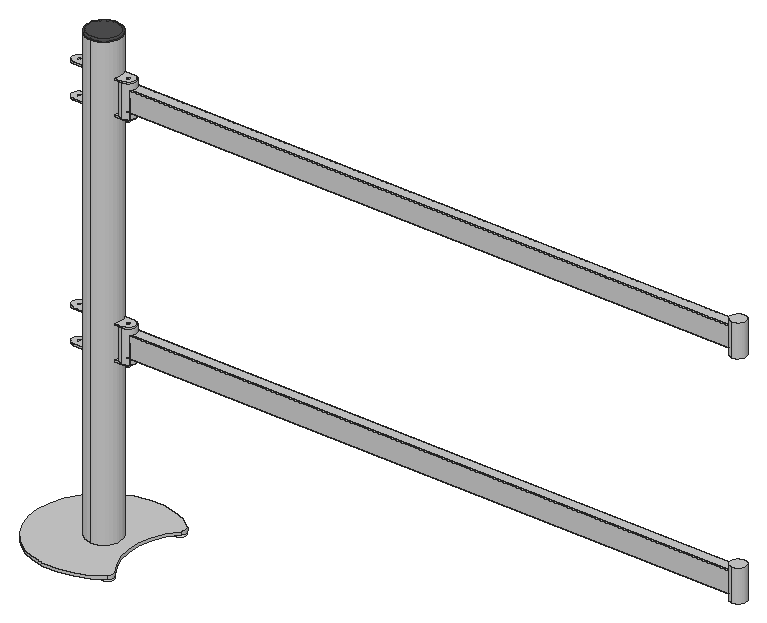
Revit family "PQR-541-ANC-ADD", category Furniture, Revit 2021
Family settings
  OmniClass Number = 23.40.20.00
  OmniClass Title = General Furniture and Specialties
  Work Plane-Based = No
  Always vertical = Yes
  Cut with Voids When Loaded = No
  Shared = No
  Room Calculation Point = No
Parameters
  W = 60.00"
  Frame [instance] = CEN_Frame_Metallic Silver Powdercoat (MS)
  Model = "PQR-541-ANC-ADD"
  End pieces on/off [instance] = no
  Default Elevation = 0.00"
Reference planes (in)
  plane 1 "Center Front/Back": y = 0
  plane 2: z = 0
  plane 3 "Center Left/Right": x = 0
  plane 4: x = -30
  plane 5: x = 30
  plane 6: x = -23.5
  plane 7: x = 23.5
  plane 8: x = 27.76551
  plane 9: x = -27.5
Forms (in)
  Extrusion 1, solid, material "CEN_Frame_Metallic Silver Powdercoat (MS)" <- "Frame"
    sketch origin (-23.29168, 0.50272, 36.0271) x (0, -1, 0) y (0, 0, 1)
      loop
        line (1, 0) -> (1, 1.78554)
        arc (1, 1.78554) -> (0.98091, 1.83163) -> (0.93482, 1.85072) r 0.06518
        line (0.93482, 1.85072) -> (0.06518, 1.85072)
        arc (0.06518, 1.85072) -> (0.01909, 1.83163) -> (0, 1.78554) r 0.06518
        line (0, 1.78554) -> (0, 0)
        arc (0, 0) -> (0.01909, -0.04609) -> (0.06518, -0.06518) r 0.06518
        line (0.06518, -0.06518) -> (0.93482, -0.06518)
        arc (0.93482, -0.06518) -> (0.98091, -0.04609) -> (1, 0) r 0.06518
      loop
        line (1, -20.08373) -> (1, -18.21446)
        arc (1, -18.21446) -> (0.98091, -18.16837) -> (0.93482, -18.14928) r 0.06518
        line (0.93482, -18.14928) -> (0.06518, -18.14928)
        arc (0.06518, -18.14928) -> (0.01909, -18.16837) -> (0, -18.21446) r 0.06518
        line (0, -18.21446) -> (0, -20.08373)
        arc (0, -20.08373) -> (0.01909, -20.12982) -> (0.06518, -20.14891) r 0.06518
        line (0.06518, -20.14891) -> (0.93482, -20.14891)
        arc (0.93482, -20.14891) -> (0.98091, -20.12982) -> (1, -20.08373) r 0.06518
    from 4.20832 to -51.05719
  Extrusion 2, solid, material "CEN_Frame_Metallic Silver Powdercoat (MS)" <- "Frame"
    sketch origin (29.29168, 0.43754, 37.87782) x (0, 1, 0) y (-1, 0, 0)
      loop
        circle (-0.43585, 1.52616) r 0.6875
    from -2.41438 to 0.44176
  Extrusion 3, solid, material "CEN_Frame_Metallic Silver Powdercoat (MS)" <- "Frame"
    sketch origin (23.29168, 0.43754, 37.87782) x (0, 1, 0) y (-1, 0, 0)
      loop
        circle (-0.43585, -4.47384) r 0.6875
    from -22.417 to -19.56085
Dimensions and locks (in)
  equal spacing: plane 4, plane 3 "Center Left/Right", plane 5
  "W": plane 4 to plane 5
  locked: plane 7 to plane 5 at 6.5
  locked: plane 6 to plane 4 at 6.5
  plane 4 to plane 9 = 2.50"
  locked: plane 8 to plane 5 at 2.23449
  aligned and locked: level to plane 2
  aligned and locked: plane 4 to nested 1
  aligned and locked: plane 8 to Extrusion 2
  aligned and locked: plane 8 to Extrusion 1
  aligned and locked: Extrusion 1 to plane 9
Automatic sketch dimensions
  Extrusion 1 sketch curve to plane 1 "Center Front/Back" = 0.50272"  (x2)
  Extrusion 1 sketch curve to Extrusion 1 sketch curve = 0.06518"  (x6)
  plane 1 "Center Front/Back" to Extrusion 1 sketch curve = 0.43209"  (x4)
  level to Extrusion 1 sketch curve = 15.87818"
  Extrusion 1 sketch curve to Extrusion 1 sketch curve = 1.86927"
  Extrusion 1 sketch curve to Extrusion 1 sketch curve = 18.08409"
  Extrusion 1 sketch curve to Extrusion 1 sketch curve = 1.78554"
  Extrusion 2 sketch curve to Extrusion 2 sketch curve = 0.00"  (x2)
  Extrusion 2 sketch curve to plane 1 "Center Front/Back" = 0.00169"
  plane 5 to Extrusion 2 sketch curve = 2.23449"
  plane 1 "Center Front/Back" to Extrusion 2 sketch curve = 0.68581"
  Extrusion 3 sketch curve to Extrusion 3 sketch curve = 0.00"  (x2)
  Extrusion 3 sketch curve to plane 1 "Center Front/Back" = 0.00169"
  plane 5 to Extrusion 3 sketch curve = 2.23449"
  plane 1 "Center Front/Back" to Extrusion 3 sketch curve = 0.68581"
Nested families (in)
  nested 1: "PQR-341-post " at (-30, 0, 0) x (0, 1, 0) z (0, 0, 1), END KIT <- "End pieces on/off", type "NOT END KIT"
Definition of nested family "PQR-341-post "
  Parameters (values of type "PQR-341-post ")
    plastic button = none
    Post = none
    END KIT [instance] = no
    Default Elevation = 0.00"
  Types (2): name
    PQR-341-post
    NOT END KIT
  Reference planes (in)
    plane 1 "Center Front/Back": y = 0
    plane 2: z = 0
    plane 3 "Center Left/Right": x = 0
    plane 4: z = 41.62154
    plane 5: z = 41.43404
    plane 6: z = 38.43918
    plane 7: z = 35.46343
    plane 8: z = 38.31958
    plane 9: z = 35.34626
    plane 10: z = 35.0779
    plane 11: z = 34.93741
    plane 12: z = 18.43657
    plane 13: z = 18.31697
    plane 14: z = 38.28685
    plane 15: z = 15.46357
    plane 16: z = 37.79482
    plane 17: z = 17.87782
    plane 18: z = 15.87818
  Forms (in)
    Extrusion 1, solid, material <- "Post"
      sketch origin (-0.02853, -0.08679, 0) x (1, 0, 0) y (0, 1, 0)
        loop
          arc (-3.79412, 4.14027) -> (-4.14981, 4.24664) -> (-4.48079, 4.07846) r 0.5
          arc (-4.48079, 4.07846) -> (0.03357, -5.88186) -> (4.53637, 4.0837) r 6.00161
          arc (4.53637, 4.0837) -> (4.20519, 4.25149) -> (3.84963, 4.14471) r 0.5
          arc (3.84963, 4.14471) -> (0.02853, 2.80874) -> (-3.79412, 4.14027) r 6.14269
      from 0.18657 to 0.43657
    Extrusion 2, solid, material <- "plastic button"
      sketch origin (0, 0, 0) x (1, 0, 0) y (0, 1, 0)
        loop
          circle (0, 0) r 1.5
      from 41.43404 to 41.62154
    Extrusion 3, solid, material <- "Post", visible <- "END KIT"
      sketch origin (0, 0, 0) x (1, 0, 0) y (0, 1, 0)
        loop
          circle (0.00169, -2.23449) r 0.6875
      from 35.46343 to 38.31958
    Extrusion 4, solid, material <- "Post"
      sketch origin (0, 0, 0) x (1, 0, 0) y (0, 1, 0)
        loop
          circle (0.00169, 2.23449) r 0.11265
        loop
          circle (0.00169, -2.23449) r 0.11265
        loop
          line (0.61497, -2.23449) -> (0.61497, 2.23449)
          arc (0.61497, 2.23449) -> (0.00169, 2.84777) -> (-0.61159, 2.23449) r 0.61328
          line (-0.61159, 2.23449) -> (-0.61159, -2.23449)
          arc (-0.61159, -2.23449) -> (0.00169, -2.84777) -> (0.61497, -2.23449) r 0.61328
      from 38.31958 to 38.43918
    Extrusion 5, solid, material <- "Post"
      sketch origin (0, 0, 0) x (1, 0, 0) y (0, 1, 0)
        loop
          circle (0.00169, 2.23449) r 0.11265
        loop
          circle (0.00169, -2.23449) r 0.11265
        loop
          line (0.61497, -2.23449) -> (0.61497, 2.23449)
          arc (0.61497, 2.23449) -> (0.00169, 2.84777) -> (-0.61159, 2.23449) r 0.61328
          line (-0.61159, 2.23449) -> (-0.61159, -2.23449)
          arc (-0.61159, -2.23449) -> (0.00169, -2.84777) -> (0.61497, -2.23449) r 0.61328
      from 35.34626 to 35.46343
    Extrusion 6, solid, material <- "Post"
      sketch origin (0, 0, 0) x (1, 0, 0) y (0, 1, 0)
        loop
          line (0.06349, 1.95369) -> (0.27562, 2.14947) -> (0.21213, 2.43108) -> (-0.06349, 2.5169) -> (-0.27562, 2.32111) -> (-0.21213, 2.0395) -> (0.06349, 1.95369)
        loop
          circle (0.00169, 2.23449) r 0.11265
      from 35.0779 to 35.34626
    Extrusion 7, solid, material <- "Post", visible <- "END KIT"
      sketch origin (0, 0, 0) x (1, 0, 0) y (0, 1, 0)
        loop
          circle (0.00169, -2.23449) r 0.11265
      from 34.93741 to 38.43918
    Sweep 8, void
      path in 3D
        loop
          arc (1.5, 0, 41.62154) -> (0, -1.5, 41.62154) -> (-1.5, 0, 41.62154) r 1.5
          arc (-1.5, 0, 41.62154) -> (0, 1.5, 41.62154) -> (1.5, 0, 41.62154) r 1.5
      profile origin (0, 1.5, 41.62154) x (0, 1, 0) y (0, 0, 1)
        loop
          line (0, -0.12486) -> (0.05983, -0.12486) -> (0.05983, 0) -> (-0.12486, 0)
          arc (-0.12486, 0) -> (-0.03657, -0.03657) -> (0, -0.12486) r 0.12486
    Extrusion 9, solid, material <- "Post"
      sketch origin (0, 0, 0) x (1, 0, 0) y (0, 1, 0)
        loop
          circle (0.00169, 2.23449) r 0.11265
      from 34.93741 to 38.43918
    Extrusion 10, solid, material <- "Post"
      sketch origin (0, 0, -20) x (1, 0, 0) y (0, 1, 0)
        loop
          circle (0.00169, 2.23449) r 0.11265
        loop
          circle (0.00169, -2.23449) r 0.11265
        loop
          line (0.61497, -2.23449) -> (0.61497, 2.23449)
          arc (0.61497, 2.23449) -> (0.00169, 2.84777) -> (-0.61159, 2.23449) r 0.61328
          line (-0.61159, 2.23449) -> (-0.61159, -2.23449)
          arc (-0.61159, -2.23449) -> (0.00169, -2.84777) -> (0.61497, -2.23449) r 0.61328
      from 38.31697 to 38.43657
    Extrusion 11, solid, material <- "Post"
      sketch origin (0, 0, -20) x (1, 0, 0) y (0, 1, 0)
        loop
          circle (0.00169, 2.23449) r 0.11265
        loop
          circle (0.00169, -2.23449) r 0.11265
        loop
          line (0.61497, -2.23449) -> (0.61497, 2.23449)
          arc (0.61497, 2.23449) -> (0.00169, 2.84777) -> (-0.61159, 2.23449) r 0.61328
          line (-0.61159, 2.23449) -> (-0.61159, -2.23449)
          arc (-0.61159, -2.23449) -> (0.00169, -2.84777) -> (0.61497, -2.23449) r 0.61328
      from 35.34365 to 35.46082
    Extrusion 12, solid, material <- "Post", visible <- "END KIT"
      sketch origin (0, 0, -20) x (1, 0, 0) y (0, 1, 0)
        loop
          circle (0.00169, -2.23449) r 0.11265
      from 34.9348 to 38.43657
    Extrusion 13, solid, material <- "Post"
      sketch origin (0, 0, -20) x (1, 0, 0) y (0, 1, 0)
        loop
          circle (0.00169, 2.23449) r 0.11265
      from 34.9348 to 38.43657
    Extrusion 14, solid
      sketch origin (-0.02853, -0.08679, 0) x (1, 0, 0) y (0, 1, 0)
        loop
          circle (-4.10805, 3.76384) r 0.48854
        loop
          circle (4.16511, 3.76384) r 0.48854
        loop
          circle (-3.62282, -3.98401) r 0.48854
        loop
          circle (3.67988, -3.98401) r 0.48854
      from 0 to 0.18657
    Extrusion 15, solid, material <- "Post"
      sketch origin (0, 0, 0) x (1, 0, 0) y (0, 1, 0)
        loop
          circle (0, 0) r 1.5
      from 0.43657 to 41.43404
    Extrusion 16, solid, material <- "Post", visible <- "END KIT"
      sketch origin (0, 0, 0) x (1, 0, 0) y (0, 1, 0)
        loop
          line (0.44955, -5.29168) -> (-0.44411, -5.29168)
          arc (-0.44411, -5.29168) -> (-0.4817, -5.30725) -> (-0.49728, -5.34485) r 0.05317
          line (-0.49728, -5.34485) -> (-0.49728, -7.23851)
          arc (-0.49728, -7.23851) -> (-0.4817, -7.27611) -> (-0.44411, -7.29168) r 0.05317
          line (-0.44411, -7.29168) -> (0.44955, -7.29168)
          arc (0.44955, -7.29168) -> (0.48715, -7.27611) -> (0.50272, -7.23851) r 0.05317
          line (0.50272, -7.23851) -> (0.50272, -5.34485)
          arc (0.50272, -5.34485) -> (0.48715, -5.30725) -> (0.44955, -5.29168) r 0.05317
      from 15.46357 to 38.28685
    Extrusion 17, solid, material <- "Post", visible <- "END KIT"
      sketch origin (0, 0, 0) x (1, 0, 0) y (0, 0, 1)
        loop
          line (-0.43209, 35.96191) -> (0.43754, 35.96191)
          arc (0.43754, 35.96191) -> (0.48363, 35.981) -> (0.50272, 36.0271) r 0.06518
          line (0.50272, 36.0271) -> (0.50272, 37.81264)
          arc (0.50272, 37.81264) -> (0.48363, 37.85873) -> (0.43754, 37.87782) r 0.06518
          line (0.43754, 37.87782) -> (-0.43209, 37.87782)
          arc (-0.43209, 37.87782) -> (-0.47818, 37.85873) -> (-0.49728, 37.81264) r 0.06518
          line (-0.49728, 37.81264) -> (-0.49728, 36.0271)
          arc (-0.49728, 36.0271) -> (-0.47818, 35.981) -> (-0.43209, 35.96191) r 0.06518
        loop
          line (-0.43209, 15.87818) -> (0.43754, 15.87818)
          arc (0.43754, 15.87818) -> (0.48363, 15.89727) -> (0.50272, 15.94336) r 0.06518
          line (0.50272, 15.94336) -> (0.50272, 17.81264)
          arc (0.50272, 17.81264) -> (0.48363, 17.85873) -> (0.43754, 17.87782) r 0.06518
          line (0.43754, 17.87782) -> (-0.43209, 17.87782)
          arc (-0.43209, 17.87782) -> (-0.47818, 17.85873) -> (-0.49728, 17.81264) r 0.06518
          line (-0.49728, 17.81264) -> (-0.49728, 15.94336)
          arc (-0.49728, 15.94336) -> (-0.47818, 15.89727) -> (-0.43209, 15.87818) r 0.06518
      from 2.63684 to 5.29168
    Extrusion 18, solid, material <- "Post"
      sketch origin (0, 0, 0) x (1, 0, 0) y (0, 1, 0)
        loop
          circle (0.00169, 2.23449) r 0.6875
      from 35.46343 to 38.31958
    Extrusion 19, solid, material <- "Post"
      sketch origin (0, 0, -20) x (1, 0, 0) y (0, 1, 0)
        loop
          circle (0.00169, 2.23449) r 0.6875
      from 35.46082 to 38.31697
    Extrusion 20, solid, material <- "Post", visible <- "END KIT"
      sketch origin (0, 0, -20) x (1, 0, 0) y (0, 1, 0)
        loop
          circle (0.00169, -2.23449) r 0.6875
      from 35.46082 to 38.31697
    Extrusion 21, solid, material <- "Post", visible <- "END KIT"
      sketch origin (0, 0, 0) x (1, 0, 0) y (0, 1, 0)
        loop
          line (0.06349, -1.95369) -> (-0.21213, -2.0395) -> (-0.27562, -2.32111) -> (-0.06349, -2.5169) -> (0.21213, -2.43108) -> (0.27562, -2.14947) -> (0.06349, -1.95369)
        loop
          circle (0.00169, -2.23449) r 0.11265
      from 35.0779 to 35.34626
    Extrusion 22, solid, material <- "Post"
      sketch origin (0, 0, -20.00261) x (1, 0, 0) y (0, 1, 0)
        loop
          line (0.06349, 1.95369) -> (0.27562, 2.14947) -> (0.21213, 2.43108) -> (-0.06349, 2.5169) -> (-0.27562, 2.32111) -> (-0.21213, 2.0395) -> (0.06349, 1.95369)
        loop
          circle (0.00169, 2.23449) r 0.11265
      from 35.0779 to 35.34626
    Extrusion 23, solid, material <- "Post", visible <- "END KIT"
      sketch origin (0, 0, -20.00261) x (1, 0, 0) y (0, 1, 0)
        loop
          line (0.06349, -1.95369) -> (-0.21213, -2.0395) -> (-0.27562, -2.32111) -> (-0.06349, -2.5169) -> (0.21213, -2.43108) -> (0.27562, -2.14947) -> (0.06349, -1.95369)
        loop
          circle (0.00169, -2.23449) r 0.11265
      from 35.0779 to 35.34626
  Cuts and joins
    Sweep 8 cuts Extrusion 2
    joined: Extrusion 3, Extrusion 17
  Lines and regions (in)
    sketch lines
      curve 1: arc (-1.5, 0, 41.62154) -> (0, 1.5, 41.62154) -> (1.5, 0, 41.62154) r 1.5
      curve 2: arc (1.5, 0, 41.62154) -> (0, -1.5, 41.62154) -> (-1.5, 0, 41.62154) r 1.5
  Dimensions and locks (in)
    plane 4 to level = 41.62154"
    locked: plane 4 to plane 5 at 0.1875
    plane 11 to plane 10 to plane 9 to plane 7 to plane 8 to plane 6 = 0.14049" locked, 0.26836" locked, 0.11717" locked, 2.85615" locked, 0.1196" locked
    locked: plane 7 to plane 4 at 6.15811
    locked: plane 14 to plane 15 at 22.82328
    locked: plane 14 to plane 6 at 0.15234
    aligned and locked: level to plane 2
    aligned and locked: plane 4 to Extrusion 2
    aligned and locked: Extrusion 14 to level
    aligned and locked: plane 5 to cut or joined group of Extrusion 2, Sweep 8
    aligned and locked: Extrusion 15 to plane 5
    aligned and locked: plane 5 to Extrusion 15
    aligned and locked: plane 6 to Extrusion 4
    aligned and locked: plane 7 to Extrusion 3  (x2)
    aligned and locked: plane 8 to Extrusion 3
    aligned and locked: plane 11 to Extrusion 7  (x2)
    aligned and locked: plane 11 to Extrusion 9
    aligned and locked: plane 10 to Extrusion 6
    aligned and locked: Extrusion 6 to plane 10
    aligned and locked: plane 9 to Extrusion 5
    aligned and locked: Extrusion 6 to plane 9
    aligned and locked: Extrusion 5 to plane 9  (x2)
    aligned and locked: Extrusion 5 to plane 7
    aligned and locked: plane 7 to Extrusion 5
    aligned and locked: plane 8 to Extrusion 4
    aligned and locked: Extrusion 4 to Extrusion 9
    aligned and locked: Extrusion 7 to plane 6
    aligned and locked: plane 12 to Extrusion 10
    aligned and locked: plane 14 to Extrusion 16
    aligned and locked: plane 15 to Extrusion 16
